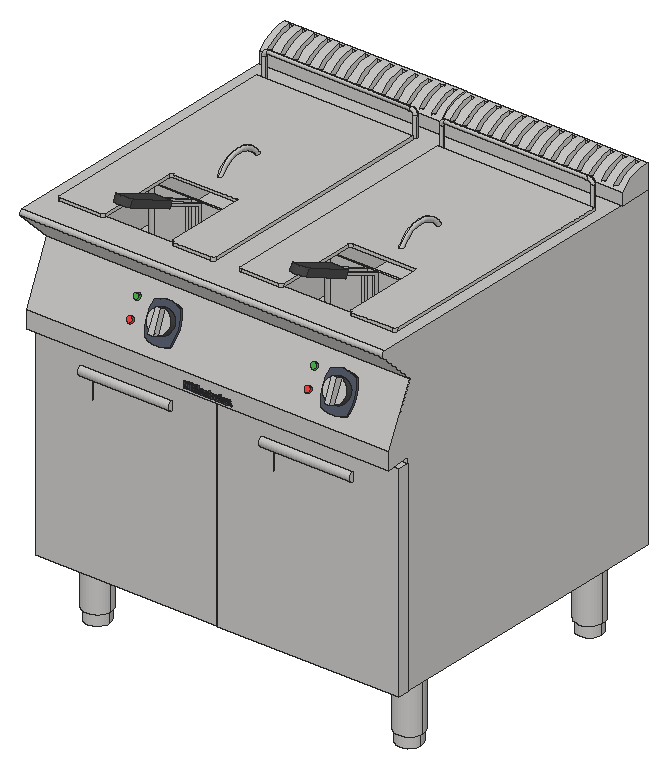
Revit family "QF_ELECTROLUXPROFESSIONAL_371141_E7FREH22FN", category Specialty Equipment, Revit 2018 (continued)
Automatic sketch dimensions
  Extrusion 18 sketch curve to Extrusion 18 sketch curve = 106.78 mm
  Extrusion 18 sketch curve to Extrusion 18 sketch curve = 18.617 mm
  Extrusion 20 sketch curve to plane 11 = 1.013 mm
  Extrusion 20 sketch curve to plane 11 = 3.696 mm
  Extrusion 20 sketch curve to plane 10 "TOP A" = 11.567 mm
  Extrusion 20 sketch curve to plane 11 = 84.899 mm
  Extrusion 20 sketch curve to plane 10 "TOP A" = 7.522 mm
  Extrusion 20 sketch curve to Extrusion 20 sketch curve = 6.35 mm
  Extrusion 20 sketch curve to Extrusion 20 sketch curve = 97.432 mm
  Extrusion 21 sketch curve to plane 11 = 1.013 mm
  Extrusion 21 sketch curve to plane 11 = 3.696 mm
  Extrusion 21 sketch curve to plane 10 "TOP A" = 11.567 mm
  Extrusion 21 sketch curve to plane 11 = 84.899 mm
  Extrusion 21 sketch curve to Extrusion 21 sketch curve = 6.35 mm
  Extrusion 21 sketch curve to Extrusion 21 sketch curve = 97.432 mm
  Extrusion 21 sketch curve to plane 10 "TOP A" = 7.522 mm
  plane 1 "BACK" to Extrusion 23 sketch curve = 6.761 mm
  Extrusion 23 sketch curve to plane 7 "Center Y" = 15.351 mm
  Extrusion 23 sketch curve to Extrusion 23 sketch curve = 9.296 mm
  Extrusion 23 sketch curve to Extrusion 23 sketch curve = 57.15 mm
  plane 1 "BACK" to Extrusion 24 sketch curve = 6.761 mm
  plane 3 "LEFT" to Extrusion 24 sketch curve = 50.591 mm
  Extrusion 24 sketch curve to Extrusion 24 sketch curve = 9.296 mm
  Extrusion 24 sketch curve to Extrusion 24 sketch curve = 57.15 mm
  plane 1 "BACK" to Extrusion 25 sketch curve = 6.761 mm
  plane 3 "LEFT" to Extrusion 25 sketch curve = 78.433 mm
  Extrusion 25 sketch curve to Extrusion 25 sketch curve = 9.296 mm
  Extrusion 25 sketch curve to Extrusion 25 sketch curve = 57.15 mm
  plane 1 "BACK" to Extrusion 26 sketch curve = 6.761 mm
  plane 3 "LEFT" to Extrusion 26 sketch curve = 106.275 mm
  Extrusion 26 sketch curve to Extrusion 26 sketch curve = 9.296 mm
  Extrusion 26 sketch curve to Extrusion 26 sketch curve = 57.15 mm
  plane 1 "BACK" to Extrusion 27 sketch curve = 6.761 mm
  plane 3 "LEFT" to Extrusion 27 sketch curve = 134.118 mm
  Extrusion 27 sketch curve to Extrusion 27 sketch curve = 9.296 mm
  Extrusion 27 sketch curve to Extrusion 27 sketch curve = 57.15 mm
  plane 1 "BACK" to Extrusion 28 sketch curve = 6.761 mm
  plane 3 "LEFT" to Extrusion 28 sketch curve = 161.96 mm
  Extrusion 28 sketch curve to Extrusion 28 sketch curve = 9.296 mm
  Extrusion 28 sketch curve to Extrusion 28 sketch curve = 57.15 mm
  plane 1 "BACK" to Extrusion 29 sketch curve = 6.761 mm
  plane 3 "LEFT" to Extrusion 29 sketch curve = 189.802 mm
  Extrusion 29 sketch curve to Extrusion 29 sketch curve = 9.296 mm
  Extrusion 29 sketch curve to Extrusion 29 sketch curve = 57.15 mm
  plane 1 "BACK" to Extrusion 30 sketch curve = 6.761 mm
  Extrusion 30 sketch curve to plane 7 "Center Y" = 182.405 mm
  Extrusion 30 sketch curve to Extrusion 30 sketch curve = 9.296 mm
  Extrusion 30 sketch curve to Extrusion 30 sketch curve = 57.15 mm
  plane 1 "BACK" to Extrusion 31 sketch curve = 6.761 mm
  Extrusion 31 sketch curve to plane 7 "Center Y" = 154.563 mm
  Extrusion 31 sketch curve to Extrusion 31 sketch curve = 9.296 mm
  Extrusion 31 sketch curve to Extrusion 31 sketch curve = 57.15 mm
  plane 1 "BACK" to Extrusion 32 sketch curve = 6.761 mm
  Extrusion 32 sketch curve to plane 7 "Center Y" = 126.721 mm
  Extrusion 32 sketch curve to Extrusion 32 sketch curve = 9.296 mm
  Extrusion 32 sketch curve to Extrusion 32 sketch curve = 57.15 mm
  plane 1 "BACK" to Extrusion 33 sketch curve = 6.761 mm
  Extrusion 33 sketch curve to plane 7 "Center Y" = 98.878 mm
  Extrusion 33 sketch curve to Extrusion 33 sketch curve = 9.296 mm
  Extrusion 33 sketch curve to Extrusion 33 sketch curve = 57.15 mm
  plane 1 "BACK" to Extrusion 34 sketch curve = 6.761 mm
  Extrusion 34 sketch curve to plane 7 "Center Y" = 71.036 mm
  Extrusion 34 sketch curve to Extrusion 34 sketch curve = 9.296 mm
  Extrusion 34 sketch curve to Extrusion 34 sketch curve = 57.15 mm
  plane 1 "BACK" to Extrusion 35 sketch curve = 6.761 mm
  Extrusion 35 sketch curve to plane 7 "Center Y" = 43.194 mm
  Extrusion 35 sketch curve to Extrusion 35 sketch curve = 9.296 mm
  Extrusion 35 sketch curve to Extrusion 35 sketch curve = 57.15 mm
  Extrusion 37 sketch curve to plane 1 "BACK" = 6.761 mm
  Extrusion 37 sketch curve to plane 7 "Center Y" = 15.351 mm
  Extrusion 37 sketch curve to Extrusion 37 sketch curve = 9.296 mm
  Extrusion 37 sketch curve to Extrusion 37 sketch curve = 57.15 mm
  Extrusion 44 sketch curve to plane 1 "BACK" = 6.761 mm
  Extrusion 44 sketch curve to plane 7 "Center Y" = 182.405 mm
  Extrusion 44 sketch curve to Extrusion 44 sketch curve = 9.296 mm
  Extrusion 44 sketch curve to Extrusion 44 sketch curve = 57.15 mm
  Extrusion 45 sketch curve to plane 1 "BACK" = 6.761 mm
  Extrusion 45 sketch curve to plane 7 "Center Y" = 154.563 mm
  Extrusion 45 sketch curve to Extrusion 45 sketch curve = 9.296 mm
  Extrusion 45 sketch curve to Extrusion 45 sketch curve = 57.15 mm
  Extrusion 46 sketch curve to plane 1 "BACK" = 6.761 mm
  Extrusion 46 sketch curve to plane 7 "Center Y" = 126.721 mm
  Extrusion 46 sketch curve to Extrusion 46 sketch curve = 9.296 mm
  Extrusion 46 sketch curve to Extrusion 46 sketch curve = 57.15 mm
  Extrusion 47 sketch curve to plane 1 "BACK" = 6.761 mm
  Extrusion 47 sketch curve to plane 7 "Center Y" = 98.878 mm
  Extrusion 47 sketch curve to Extrusion 47 sketch curve = 9.296 mm
  Extrusion 47 sketch curve to Extrusion 47 sketch curve = 57.15 mm
  Extrusion 48 sketch curve to plane 1 "BACK" = 6.761 mm
  Extrusion 48 sketch curve to plane 7 "Center Y" = 71.036 mm
  Extrusion 48 sketch curve to Extrusion 48 sketch curve = 9.296 mm
  Extrusion 48 sketch curve to Extrusion 48 sketch curve = 57.15 mm
  Extrusion 49 sketch curve to plane 1 "BACK" = 6.761 mm
  Extrusion 49 sketch curve to plane 7 "Center Y" = 43.194 mm
  Extrusion 49 sketch curve to Extrusion 49 sketch curve = 9.296 mm
  Extrusion 49 sketch curve to Extrusion 49 sketch curve = 57.15 mm
  plane 1 "BACK" to Extrusion 50 sketch curve = 0 mm
  plane 7 "Center Y" to Extrusion 50 sketch curve = 1.587 mm
  Extrusion 50 sketch curve to plane 7 "Center Y" = 1.588 mm
  Extrusion 50 sketch curve to plane 1 "BACK" = 69.85 mm
  Extrusion 52 sketch curve to plane 5 "FRONT" = 42.863 mm
  Extrusion 52 sketch curve to Extrusion 52 sketch curve = 15 mm
  Extrusion 52 sketch curve to plane 9 "BASE" = 101.212 mm
  Extrusion 52 sketch curve to Extrusion 52 sketch curve = 41.212 mm
  Extrusion 53 sketch curve to plane 5 "FRONT" = 42.863 mm
  Extrusion 53 sketch curve to plane 9 "BASE" = 60 mm
  Extrusion 53 sketch curve to Extrusion 53 sketch curve = 10 mm
  Extrusion 54 sketch curve to plane 5 "FRONT" = 42.863 mm
  Extrusion 54 sketch curve to Extrusion 54 sketch curve = 15 mm
  Extrusion 54 sketch curve to plane 9 "BASE" = 60 mm
  Extrusion 54 sketch curve to Extrusion 54 sketch curve = 41.212 mm
  Extrusion 55 sketch curve to plane 5 "FRONT" = 42.863 mm
  Extrusion 55 sketch curve to plane 9 "BASE" = 40 mm
  Extrusion 55 sketch curve to Extrusion 55 sketch curve = 10 mm
  Revolve 56 sketch curve to level = 0 mm
  Revolve 56 sketch curve to plane 14 = 0 mm  (x2)
  level to Revolve 56 sketch curve = 25 mm
  Revolve 56 sketch curve to Revolve 56 sketch curve = 20 mm
  plane 3 "LEFT" to Revolve 56 sketch curve = 56 mm
  Revolve 56 sketch curve to Revolve 56 sketch curve = 0 mm
  plane 3 "LEFT" to Revolve 56 sketch curve = 29.75 mm
  plane 3 "LEFT" to Revolve 56 sketch curve = 26 mm
  Revolve 57 sketch curve to level = 0 mm
  Revolve 57 sketch curve to plane 14 = 0 mm  (x2)
  level to Revolve 57 sketch curve = 25 mm
  Revolve 57 sketch curve to Revolve 57 sketch curve = 20 mm
  plane 3 "LEFT" to Revolve 57 sketch curve = 56 mm
  Revolve 57 sketch curve to Revolve 57 sketch curve = 0 mm
  plane 3 "LEFT" to Revolve 57 sketch curve = 29.75 mm
  plane 3 "LEFT" to Revolve 57 sketch curve = 26 mm
  plane 3 "LEFT" to curve 170 = 13.453 mm
  curve 170 to curve 170 = 9.296 mm
  curve 170 to curve 172 = 18.547 mm
  curve 172 to curve 172 = 9.296 mm
  curve 172 to curve 173 = 18.547 mm
  curve 173 to curve 173 = 9.296 mm
  curve 173 to curve 174 = 18.547 mm
  curve 174 to curve 174 = 9.296 mm
  curve 174 to curve 175 = 18.547 mm
  curve 175 to curve 175 = 9.296 mm
  curve 175 to curve 176 = 18.547 mm
  curve 176 to curve 176 = 9.296 mm
  curve 176 to curve 177 = 18.547 mm
  curve 177 to curve 177 = 9.296 mm
  curve 177 to curve 178 = 18.547 mm
  curve 178 to curve 178 = 9.296 mm
  curve 178 to curve 179 = 18.547 mm
  curve 179 to curve 179 = 9.296 mm
  curve 179 to curve 180 = 18.547 mm
  curve 180 to curve 180 = 9.296 mm
  curve 180 to curve 181 = 18.547 mm
  curve 181 to curve 181 = 9.296 mm
  curve 181 to curve 182 = 18.547 mm
  curve 182 to curve 182 = 9.296 mm
  curve 182 to curve 183 = 18.547 mm
  curve 183 to curve 183 = 9.296 mm
  curve 183 to curve 171 = 18.547 mm
  curve 171 to curve 171 = 9.296 mm
  plane 7 "Center Y" to curve 185 = 15.351 mm
  curve 185 to curve 185 = 9.296 mm
  curve 185 to curve 197 = 18.547 mm
  curve 197 to curve 197 = 9.296 mm
  curve 197 to curve 196 = 18.547 mm
  curve 196 to curve 196 = 9.296 mm
  curve 196 to curve 195 = 18.547 mm
  curve 195 to curve 195 = 9.296 mm
  curve 195 to curve 194 = 18.547 mm
  curve 194 to curve 194 = 9.296 mm
  curve 194 to curve 193 = 18.547 mm
  curve 193 to curve 193 = 9.296 mm
  curve 193 to curve 192 = 18.547 mm
  curve 192 to curve 192 = 9.296 mm
  curve 192 to curve 191 = 18.547 mm
  curve 191 to curve 191 = 9.296 mm
  curve 191 to curve 190 = 18.547 mm
  curve 190 to curve 190 = 9.296 mm
  curve 190 to curve 189 = 18.547 mm
  curve 189 to curve 189 = 9.296 mm
  curve 189 to curve 188 = 18.547 mm
  curve 188 to curve 188 = 9.296 mm
  curve 188 to curve 187 = 18.547 mm
  curve 187 to curve 187 = 9.296 mm
  curve 187 to curve 186 = 18.547 mm
  curve 186 to curve 186 = 9.296 mm
  curve 186 to curve 184 = 18.547 mm
  curve 184 to curve 184 = 9.296 mm
  plane 1 "BACK" to curve 170 = 63.911 mm
  plane 1 "BACK" to curve 171 = 63.911 mm
  curve 170 to curve 172 = 0 mm
  curve 172 to curve 173 = 0 mm
  curve 173 to curve 174 = 0 mm
  curve 174 to curve 175 = 0 mm
  curve 175 to curve 176 = 0 mm
  curve 176 to curve 177 = 0 mm
  curve 177 to curve 178 = 0 mm
  curve 178 to curve 179 = 0 mm
  curve 179 to curve 180 = 0 mm
  curve 180 to curve 181 = 0 mm
  curve 181 to curve 182 = 0 mm
  curve 182 to curve 183 = 0 mm
  plane 1 "BACK" to curve 184 = 63.911 mm
  curve 171 to curve 185 = 0 mm
  curve 186 to curve 184 = 0 mm
  curve 187 to curve 186 = 0 mm
  curve 188 to curve 187 = 0 mm
  curve 189 to curve 188 = 0 mm
  curve 190 to curve 189 = 0 mm
  curve 191 to curve 190 = 0 mm
  curve 192 to curve 191 = 0 mm
  curve 193 to curve 192 = 0 mm
  curve 194 to curve 193 = 0 mm
  curve 195 to curve 194 = 0 mm
  curve 196 to curve 195 = 0 mm
  curve 197 to curve 196 = 0 mm
  Extrusion 2 sketch curve to plane 10 "TOP A" = 0 mm
  Extrusion 2 sketch curve to plane 1 "BACK" = 0 mm
  Extrusion 2 sketch curve to plane 6 "TOP" = 0 mm
  plane 1 "BACK" to Extrusion 2 sketch curve = 1.769 mm
  plane 10 "TOP A" to Extrusion 2 sketch curve = 25.4 mm
  plane 1 "BACK" to Extrusion 2 sketch curve = 69.85 mm
  plane 12 to Extrusion 3 sketch curve = 0.124 mm  (x2)
  Extrusion 3 sketch curve to plane 4 "RIGHT" = 33.338 mm
  plane 7 "Center Y" to Extrusion 3 sketch curve = 26.988 mm
  Extrusion 3 sketch curve to plane 7 "Center Y" = 26.988 mm
  plane 3 "LEFT" to Extrusion 3 sketch curve = 33.338 mm
  plane 11 to Extrusion 3 sketch curve = 57.877 mm
  Extrusion 3 sketch curve to Extrusion 3 sketch curve = 0 mm
  Extrusion 5 sketch curve to Extrusion 1 = 31.333 mm  (x4)
  Extrusion 5 sketch curve to Extrusion 5 sketch curve = 12.3 mm  (x6)
  Extrusion 5 sketch curve to Extrusion 5 sketch curve = 34.925 mm  (x4)
  Extrusion 1 to Extrusion 5 sketch curve = 44.467 mm  (x2)
  Extrusion 1 to Extrusion 5 sketch curve = 76.335 mm
  Extrusion 5 sketch curve to Extrusion 5 sketch curve = 25.727 mm  (x4)
  Extrusion 5 sketch curve to Extrusion 5 sketch curve = 28.575 mm  (x2)
  Extrusion 5 sketch curve to Extrusion 5 sketch curve = 280.219 mm
  Extrusion 6 sketch curve to Extrusion 6 sketch curve = 0 mm
  Extrusion 6 sketch curve to Extrusion 6 sketch curve = 388.937 mm
  Extrusion 7 sketch curve to Extrusion 7 sketch curve = 24.732 mm  (x2)
  Extrusion 7 sketch curve to Extrusion 7 sketch curve = 0 mm  (x2)
  Extrusion 1 to Extrusion 8 sketch curve = 39.678 mm  (x2)
  Extrusion 1 to Extrusion 8 sketch curve = 194.515 mm
  Extrusion 1 to Extrusion 8 sketch curve = 213.473 mm
  Extrusion 9 sketch curve to Extrusion 1 = 50.809 mm  (x2)
  Extrusion 1 to Extrusion 9 sketch curve = 194.515 mm
  Extrusion 1 to Extrusion 9 sketch curve = 213.473 mm
  plane 1 "BACK" to Extrusion 10 sketch curve = 0 mm
  Extrusion 10 sketch curve to plane 3 "LEFT" = 0 mm
  Extrusion 10 sketch curve to plane 4 "RIGHT" = 0 mm
  Extrusion 10 sketch curve to plane 3 "LEFT" = 150.019 mm
  plane 5 "FRONT" to Extrusion 10 sketch curve = 1.377 mm  (x2)
  plane 4 "RIGHT" to Extrusion 10 sketch curve = 150.019 mm
  Extrusion 10 sketch curve to plane 1 "BACK" = 150.019 mm
  curve 168 to plane 4 "RIGHT" = 0 mm
  curve 7 to plane 4 "RIGHT" = 0 mm
  plane 5 "FRONT" to curve 169 = 0 mm
  plane 1 "BACK" to curve 163 = 0 mm
  curve 6 to plane 3 "LEFT" = 0 mm
  curve 166 to plane 3 "LEFT" = 0 mm
  plane 4 "RIGHT" to curve 3 = 150.019 mm
  curve 122 to curve 121 = 9.296 mm
  curve 56 to plane 4 "RIGHT" = 26.987 mm
  curve 44 to curve 44 = 6.35 mm
  curve 43 to curve 78 = 10.61 mm
  plane 1 "BACK" to curve 129 = 6.761 mm
  curve 121 to curve 129 = 18.547 mm
  curve 128 to curve 127 = 9.296 mm
  curve 127 to curve 131 = 18.547 mm
  curve 169 to plane 4 "RIGHT" = 74.24 mm
  curve 131 to curve 132 = 9.296 mm
  curve 130 to curve 134 = 18.547 mm
  curve 169 to curve 46 = 47.997 mm
  curve 48 to plane 4 "RIGHT" = 128.587 mm
  curve 47 to curve 48 = 6.35 mm
  plane 1 "BACK" to curve 140 = 6.761 mm
  curve 136 to curve 140 = 18.547 mm
  curve 140 to curve 139 = 9.296 mm
  curve 47 to curve 67 = 54.879 mm
  curve 60 to curve 67 = 0 mm
  curve 60 to curve 67 = 3.442 mm
  curve 143 to curve 142 = 9.296 mm
  curve 58 to curve 64 = 4.079 mm
  curve 48 to curve 68 = 60.633 mm
  curve 64 to curve 63 = 5.857 mm
  curve 68 to curve 70 = 4.449 mm
  curve 67 to curve 60 = 18.617 mm
  curve 67 to curve 60 = 0 mm
  curve 63 to curve 66 = 17.363 mm
  curve 146 to curve 147 = 9.296 mm
  curve 66 to curve 65 = 5.857 mm
  curve 61 to curve 62 = 37.235 mm
  plane 1 "BACK" to curve 150 = 6.761 mm
  curve 145 to curve 150 = 18.547 mm
  curve 149 to curve 148 = 9.296 mm
  curve 65 to curve 50 = 51.399 mm
  curve 152 to curve 151 = 9.296 mm
  curve 62 to curve 62 = 53.67 mm
  curve 51 to curve 53 = 6.35 mm
  plane 1 "BACK" to curve 156 = 6.761 mm
  curve 151 to curve 156 = 18.547 mm
  curve 155 to curve 156 = 9.296 mm
  curve 158 to curve 159 = 9.296 mm
  plane 7 "Center Y" to curve 169 = 54.971 mm
  curve 157 to curve 161 = 18.547 mm
  curve 161 to curve 160 = 9.296 mm
  plane 7 "Center Y" to curve 53 = 33.338 mm
  plane 7 "Center Y" to curve 79 = 28.891 mm
  curve 54 to curve 54 = 6.35 mm
  curve 160 to curve 125 = 18.547 mm
  curve 125 to curve 124 = 9.296 mm
  plane 7 "Center Y" to curve 168 = 3.9 mm
  plane 7 "Center Y" to curve 163 = 1.588 mm
  curve 164 to plane 7 "Center Y" = 1.587 mm
  curve 166 to plane 7 "Center Y" = 3.9 mm
  plane 1 "BACK" to curve 82 = 6.761 mm
  curve 164 to curve 82 = 13.764 mm
  curve 24 to plane 7 "Center Y" = 26.988 mm
  curve 23 to curve 77 = 1.903 mm
  curve 22 to curve 22 = 6.35 mm
  curve 83 to curve 118 = 18.547 mm
  curve 118 to curve 120 = 9.296 mm
  curve 167 to plane 7 "Center Y" = 54.971 mm
  curve 116 to curve 112 = 18.547 mm
  curve 112 to curve 113 = 9.296 mm
  curve 22 to curve 20 = 82.55 mm
  curve 18 to plane 7 "Center Y" = 122.238 mm
  plane 1 "BACK" to curve 109 = 6.761 mm
  curve 113 to curve 109 = 18.547 mm
  curve 18 to curve 17 = 6.35 mm
  curve 109 to curve 110 = 9.296 mm
  plane 1 "BACK" to curve 108 = 6.761 mm
  curve 110 to curve 108 = 18.547 mm
  curve 106 to curve 107 = 9.296 mm
  curve 27 to plane 11 = 5.711 mm
  curve 19 to curve 27 = 53.67 mm
  curve 26 to curve 34 = 4.079 mm
  curve 107 to curve 103 = 18.547 mm
  curve 34 to curve 35 = 5.857 mm
  curve 103 to curve 104 = 9.296 mm
  curve 36 to curve 36 = 18.617 mm
  curve 29 to curve 36 = 0 mm
  plane 8 "Center X" to curve 38 = 38.031 mm
  curve 18 to curve 38 = 66.994 mm
  curve 40 to curve 40 = 4.449 mm
  curve 35 to curve 32 = 17.363 mm
  curve 32 to curve 33 = 5.857 mm
  plane 1 "BACK" to curve 102 = 6.761 mm
  curve 104 to curve 102 = 18.547 mm
  curve 33 to curve 28 = 4.079 mm
  curve 36 to curve 36 = 3.442 mm
  curve 36 to curve 29 = 3.442 mm
  curve 100 to curve 101 = 9.296 mm
  curve 101 to curve 97 = 18.547 mm
  curve 97 to curve 99 = 9.296 mm
  curve 33 to curve 17 = 56.049 mm
  plane 1 "BACK" to curve 94 = 6.761 mm
  curve 98 to curve 94 = 18.547 mm
  curve 16 to curve 15 = 6.35 mm
  curve 94 to curve 95 = 9.296 mm
  curve 15 to curve 14 = 6.35 mm
  curve 95 to curve 91 = 18.547 mm
  plane 1 "BACK" to curve 88 = 6.761 mm
  curve 92 to curve 88 = 18.547 mm
  curve 167 to curve 5 = 74.24 mm
  curve 88 to curve 90 = 9.296 mm
  plane 3 "LEFT" to curve 75 = 37.598 mm
  plane 3 "LEFT" to curve 12 = 33.338 mm
  curve 75 to curve 11 = 10.61 mm
  curve 8 to curve 9 = 9.296 mm
  plane 5 "FRONT" to curve 1 = 1.377 mm
  curve 1 to plane 3 "LEFT" = 150.019 mm
  curve 1 to plane 1 "BACK" = 150.019 mm
  plane 1 "BACK" to curve 162 = 6.761 mm
  plane 1 "BACK" to curve 98 = 6.761 mm
  plane 1 "BACK" to curve 8 = 6.761 mm
  plane 1 "BACK" to curve 93 = 6.761 mm
  plane 1 "BACK" to curve 159 = 6.761 mm
  plane 1 "BACK" to curve 87 = 6.761 mm
  plane 1 "BACK" to curve 153 = 6.761 mm
  plane 1 "BACK" to curve 147 = 6.761 mm
  plane 1 "BACK" to curve 103 = 6.761 mm
  plane 1 "BACK" to curve 144 = 6.761 mm
  plane 1 "BACK" to curve 138 = 6.761 mm
  plane 1 "BACK" to curve 112 = 6.761 mm
  plane 1 "BACK" to curve 135 = 6.761 mm
  plane 1 "BACK" to curve 115 = 6.761 mm
  plane 1 "BACK" to curve 132 = 6.761 mm
  plane 1 "BACK" to curve 118 = 6.761 mm
  plane 1 "BACK" to curve 121 = 6.761 mm
  plane 1 "BACK" to curve 126 = 6.761 mm
  curve 125 to curve 125 = 57.15 mm
  curve 127 to curve 121 = 0 mm
  curve 130 to curve 127 = 0 mm
  curve 133 to curve 130 = 0 mm
  curve 136 to curve 133 = 0 mm
  curve 139 to curve 136 = 0 mm
  curve 142 to curve 139 = 0 mm
  curve 145 to curve 142 = 0 mm
  curve 118 to curve 82 = 0 mm
  curve 148 to curve 145 = 0 mm
  curve 8 to curve 85 = 0 mm
  curve 151 to curve 148 = 0 mm
  curve 85 to curve 88 = 0 mm
  curve 154 to curve 151 = 0 mm
  curve 88 to curve 91 = 0 mm
  curve 157 to curve 154 = 0 mm
  curve 94 to curve 98 = 0 mm
  curve 125 to curve 160 = 0 mm
  curve 82 to curve 164 = 5.939 mm
  curve 25 to curve 165 = 0 mm
  curve 125 to curve 78 = 36.504 mm
  curve 83 to curve 77 = 36.504 mm
  curve 74 to curve 75 = 7.655 mm
  curve 78 to curve 79 = 7.655 mm
  curve 79 to curve 56 = 4.767 mm
  curve 75 to curve 11 = 4.767 mm
  plane 8 "Center X" to curve 71 = 38.031 mm
  curve 37 to plane 8 "Center X" = 63.432 mm
  curve 70 to plane 8 "Center X" = 63.432 mm
  curve 69 to curve 50 = 46.229 mm
  curve 37 to curve 16 = 46.229 mm
  curve 50 to curve 72 = 22.324 mm
  curve 16 to curve 41 = 22.324 mm
  curve 72 to curve 73 = 3.175 mm
  curve 41 to curve 42 = 3.175 mm
  curve 66 to plane 11 = 5.711 mm
  plane 11 to curve 55 = 57.877 mm
  plane 11 to curve 19 = 57.877 mm
  plane 11 to curve 43 = 57.877 mm
  plane 11 to curve 15 = 57.877 mm
  curve 11 to curve 166 = 31.626 mm
  curve 43 to curve 168 = 31.626 mm
  curve 30 to curve 36 = 33.188 mm
  curve 61 to curve 67 = 33.188 mm
  curve 67 to curve 60 = 6.713 mm
  curve 36 to curve 29 = 6.713 mm  (x2)
  curve 29 to curve 36 = 4.011 mm
  curve 60 to curve 67 = 4.011 mm
  curve 67 to curve 59 = 6.713 mm
  plane 5 "FRONT" to curve 3 = 1.377 mm
  Extrusion 11 sketch curve to plane 4 "RIGHT" = 26.988 mm
  Extrusion 11 sketch curve to Extrusion 11 sketch curve = 6.35 mm  (x8)
  Extrusion 11 sketch curve to Extrusion 11 sketch curve = 88.9 mm
  Extrusion 11 sketch curve to plane 4 "RIGHT" = 128.588 mm
  plane 7 "Center Y" to Extrusion 11 sketch curve = 128.588 mm
  plane 11 to Extrusion 11 sketch curve = 57.877 mm  (x4)
  plane 7 "Center Y" to Extrusion 11 sketch curve = 122.238 mm
  plane 7 "Center Y" to Extrusion 11 sketch curve = 33.338 mm
  Extrusion 11 sketch curve to plane 7 "Center Y" = 26.988 mm
  Extrusion 11 sketch curve to Extrusion 11 sketch curve = 82.55 mm
  plane 3 "LEFT" to Extrusion 11 sketch curve = 134.938 mm
  plane 3 "LEFT" to Extrusion 11 sketch curve = 128.588 mm
  plane 3 "LEFT" to Extrusion 11 sketch curve = 33.338 mm
  plane 3 "LEFT" to Extrusion 11 sketch curve = 26.988 mm
  Extrusion 11 sketch curve to plane 8 "Center X" = 116.012 mm  (x2)
  Extrusion 11 sketch curve to plane 12 = 34.801 mm  (x2)
  Sweep 12 sketch curve to plane 10 "TOP A" = 0 mm  (x2)
  Sweep 12 sketch curve to plane 6 "TOP" = 9.525 mm
  plane 3 "LEFT" to Sweep 12 sketch curve = 39.688 mm
  Sweep 12 sketch curve to Sweep 12 sketch curve = 6.35 mm  (x2)
  Sweep 12 sketch curve to plane 7 "Center Y" = 37.331 mm
  Sweep 12 sketch curve to profile plane = 2.09 mm
  profile plane to Sweep 12 sketch curve = 140.754 mm
  Extrusion 19 sketch curve to Extrusion 19 sketch curve = 0 mm  (x16)
  Extrusion 19 sketch curve to plane 4 "RIGHT" = 91.225 mm
  Extrusion 19 sketch curve to Extrusion 19 sketch curve = 3.175 mm  (x2)
  Extrusion 19 sketch curve to Extrusion 19 sketch curve = 22.225 mm  (x6)
  plane 7 "Center Y" to Extrusion 19 sketch curve = 105.625 mm  (x2)
  plane 12 to Extrusion 19 sketch curve = 44.673 mm
  Extrusion 19 sketch curve to plane 7 "Center Y" = 80.225 mm
  plane 3 "LEFT" to Extrusion 19 sketch curve = 116.625 mm  (x2)
  plane 12 to Extrusion 19 sketch curve = 41.498 mm
  Extrusion 19 sketch curve to plane 8 "Center X" = 116.11 mm  (x2)
  Sweep 22 sketch curve to plane 10 "TOP A" = 0 mm  (x2)
  Sweep 22 sketch curve to plane 6 "TOP" = 9.525 mm
  Sweep 22 sketch curve to plane 4 "RIGHT" = 39.688 mm
  Sweep 22 sketch curve to Sweep 22 sketch curve = 6.35 mm  (x2)
  plane 7 "Center Y" to Sweep 22 sketch curve = 37.331 mm
  profile plane to Sweep 22 sketch curve = 2.09 mm
  profile plane to Sweep 22 sketch curve = 140.754 mm
  Extrusion 36 sketch curve to plane 1 "BACK" = 6.761 mm
  plane 4 "RIGHT" to Extrusion 36 sketch curve = 22.749 mm
  Extrusion 36 sketch curve to Extrusion 36 sketch curve = 9.296 mm
  Extrusion 36 sketch curve to Extrusion 36 sketch curve = 57.15 mm
  Extrusion 38 sketch curve to plane 1 "BACK" = 6.761 mm
  plane 4 "RIGHT" to Extrusion 38 sketch curve = 50.591 mm
  Extrusion 38 sketch curve to Extrusion 38 sketch curve = 9.296 mm
  Extrusion 38 sketch curve to Extrusion 38 sketch curve = 57.15 mm
  Extrusion 39 sketch curve to plane 1 "BACK" = 6.761 mm
  plane 4 "RIGHT" to Extrusion 39 sketch curve = 78.433 mm
  Extrusion 39 sketch curve to Extrusion 39 sketch curve = 9.296 mm
  Extrusion 39 sketch curve to Extrusion 39 sketch curve = 57.15 mm
  Extrusion 40 sketch curve to plane 1 "BACK" = 6.761 mm
  plane 4 "RIGHT" to Extrusion 40 sketch curve = 106.275 mm
  Extrusion 40 sketch curve to Extrusion 40 sketch curve = 9.296 mm
  Extrusion 40 sketch curve to Extrusion 40 sketch curve = 57.15 mm
  Extrusion 41 sketch curve to plane 1 "BACK" = 6.761 mm
  plane 4 "RIGHT" to Extrusion 41 sketch curve = 134.118 mm
  Extrusion 41 sketch curve to Extrusion 41 sketch curve = 9.296 mm
  Extrusion 41 sketch curve to Extrusion 41 sketch curve = 57.15 mm
  Extrusion 42 sketch curve to plane 1 "BACK" = 6.761 mm
  plane 4 "RIGHT" to Extrusion 42 sketch curve = 161.96 mm
  Extrusion 42 sketch curve to Extrusion 42 sketch curve = 9.296 mm
  Extrusion 42 sketch curve to Extrusion 42 sketch curve = 57.15 mm
  Extrusion 43 sketch curve to plane 1 "BACK" = 6.761 mm
  plane 4 "RIGHT" to Extrusion 43 sketch curve = 189.802 mm
  Extrusion 43 sketch curve to Extrusion 43 sketch curve = 9.296 mm
  Extrusion 43 sketch curve to Extrusion 43 sketch curve = 57.15 mm
  Extrusion 51 sketch curve to Extrusion 1 = 0 mm
  Extrusion 1 to Extrusion 51 sketch curve = 12.7 mm
  Extrusion 1 to Extrusion 51 sketch curve = 398.463 mm
  Extrusion 51 sketch curve to Extrusion 51 sketch curve = 3.175 mm
  Revolve 58 sketch curve to level = 0 mm
  Revolve 58 sketch curve to plane 14 = 0 mm  (x2)
  level to Revolve 58 sketch curve = 25 mm
  Revolve 58 sketch curve to Revolve 58 sketch curve = 20 mm
  Revolve 58 sketch curve to plane 4 "RIGHT" = 26 mm
  Revolve 58 sketch curve to Revolve 58 sketch curve = 3.75 mm
  Revolve 58 sketch curve to Revolve 58 sketch curve = 30 mm
  Revolve 58 sketch curve to Revolve 58 sketch curve = 0 mm
  Revolve 59 sketch curve to level = 0 mm
  Revolve 59 sketch curve to plane 14 = 0 mm  (x2)
  level to Revolve 59 sketch curve = 25 mm
  Revolve 59 sketch curve to Revolve 59 sketch curve = 20 mm
  Revolve 59 sketch curve to plane 4 "RIGHT" = 26 mm
  Revolve 59 sketch curve to Revolve 59 sketch curve = 3.75 mm
  Revolve 59 sketch curve to Revolve 59 sketch curve = 30 mm
  Revolve 59 sketch curve to Revolve 59 sketch curve = 0 mm
  Extrusion 60 sketch curve to plane 4 "RIGHT" = 0 mm
  Extrusion 60 sketch curve to plane 3 "LEFT" = 0 mm
  plane 7 "Center Y" to Extrusion 60 sketch curve = 1.588 mm
  Extrusion 60 sketch curve to plane 7 "Center Y" = 1.588 mm
  Extrusion 60 sketch curve to plane 5 "FRONT" = 42.863 mm  (x2)
  Extrusion 61 sketch curve to plane 4 "RIGHT" = 56 mm
  Extrusion 61 sketch curve to plane 11 = 92.884 mm
  curve 122 to plane 4 "RIGHT" = 13.453 mm
  curve 134 to curve 133 = 9.296 mm
  curve 133 to curve 138 = 18.547 mm
  curve 137 to curve 138 = 9.296 mm
  curve 139 to curve 143 = 18.547 mm
  curve 142 to curve 146 = 18.547 mm
  curve 148 to curve 152 = 18.547 mm
  curve 154 to curve 158 = 18.547 mm
  curve 82 to curve 84 = 9.296 mm
  curve 119 to curve 115 = 18.547 mm
  curve 115 to curve 116 = 9.296 mm
  curve 91 to curve 92 = 9.296 mm
  curve 89 to curve 85 = 18.547 mm
  curve 85 to curve 86 = 9.296 mm
  curve 86 to curve 10 = 18.547 mm
  curve 112 to curve 112 = 57.15 mm
  curve 113 to curve 112 = 0 mm
  curve 112 to curve 115 = 0 mm
  curve 116 to curve 115 = 0 mm
  curve 115 to curve 118 = 0 mm
  curve 110 to curve 113 = 0 mm
  curve 110 to curve 109 = 0 mm
  curve 119 to curve 118 = 0 mm
  curve 121 to curve 165 = 5.939 mm
  curve 121 to curve 122 = 0 mm
  curve 124 to curve 125 = 0 mm
  curve 107 to curve 110 = 0 mm
  curve 107 to curve 106 = 0 mm
  curve 127 to curve 128 = 0 mm
  curve 104 to curve 107 = 0 mm
  curve 104 to curve 103 = 0 mm
  curve 130 to curve 131 = 0 mm
  curve 133 to curve 134 = 0 mm
  curve 101 to curve 104 = 0 mm
  curve 101 to curve 100 = 0 mm
  curve 136 to curve 137 = 0 mm
  curve 139 to curve 140 = 0 mm
  curve 98 to curve 101 = 0 mm
  curve 98 to curve 97 = 0 mm
  curve 142 to curve 143 = 0 mm
  curve 86 to curve 25 = 5.939 mm
  curve 86 to curve 85 = 0 mm
  curve 95 to curve 94 = 0 mm
  curve 145 to curve 146 = 0 mm
  curve 148 to curve 149 = 0 mm
  curve 92 to curve 91 = 0 mm
  curve 151 to curve 152 = 0 mm
  curve 154 to curve 155 = 0 mm
  curve 89 to curve 88 = 0 mm
  curve 9 to curve 8 = 0 mm
  curve 160 to curve 161 = 0 mm
  curve 83 to curve 82 = 0 mm
  curve 157 to curve 158 = 0 mm
  plane 9 "BASE" to Extrusion 62 sketch curve = 9.251 mm
  plane 9 "BASE" to Extrusion 62 sketch curve = 14.292 mm
  plane 7 "Center Y" to Extrusion 62 sketch curve = 5.651 mm
  plane 9 "BASE" to Extrusion 62 sketch curve = 14.311 mm
  Extrusion 62 sketch curve to Extrusion 62 sketch curve = 0 mm  (x28)
  Extrusion 62 sketch curve to Extrusion 62 sketch curve = 5.108 mm  (x2)
  Extrusion 62 sketch curve to Extrusion 62 sketch curve = 0.054 mm
  Extrusion 62 sketch curve to Extrusion 62 sketch curve = 0.218 mm
  Extrusion 62 sketch curve to Extrusion 62 sketch curve = 0.195 mm
  Extrusion 62 sketch curve to Extrusion 62 sketch curve = 0.249 mm
  plane 9 "BASE" to Extrusion 62 sketch curve = 14.608 mm
  Extrusion 62 sketch curve to Extrusion 62 sketch curve = 0.087 mm
  Extrusion 62 sketch curve to Extrusion 62 sketch curve = 0.358 mm
  Extrusion 62 sketch curve to Extrusion 62 sketch curve = 0.481 mm
  Extrusion 62 sketch curve to Extrusion 62 sketch curve = 0.597 mm
  Extrusion 62 sketch curve to Extrusion 62 sketch curve = 0.544 mm
  Extrusion 62 sketch curve to Extrusion 62 sketch curve = 0.936 mm
  Extrusion 62 sketch curve to Extrusion 62 sketch curve = 0.594 mm
  Extrusion 62 sketch curve to Extrusion 62 sketch curve = 0.343 mm
  Extrusion 62 sketch curve to Extrusion 62 sketch curve = 0.159 mm
  Extrusion 62 sketch curve to Extrusion 62 sketch curve = 0.826 mm
  Extrusion 62 sketch curve to Extrusion 62 sketch curve = 0.839 mm
  Extrusion 62 sketch curve to Extrusion 62 sketch curve = 0.852 mm
  Extrusion 62 sketch curve to Extrusion 62 sketch curve = 0.887 mm
  Extrusion 62 sketch curve to Extrusion 62 sketch curve = 0.928 mm
  Extrusion 62 sketch curve to Extrusion 62 sketch curve = 0.938 mm
  Extrusion 62 sketch curve to Extrusion 62 sketch curve = 0.444 mm
  Extrusion 62 sketch curve to Extrusion 62 sketch curve = 1.11 mm  (x3)
  Extrusion 62 sketch curve to Extrusion 62 sketch curve = 0.215 mm
  plane 7 "Center Y" to Extrusion 62 sketch curve = 0.014 mm
  Extrusion 62 sketch curve to Extrusion 62 sketch curve = 1.43 mm
  Extrusion 62 sketch curve to Extrusion 62 sketch curve = 1.188 mm
  Extrusion 62 sketch curve to Extrusion 62 sketch curve = 1.21 mm  (x2)
  Extrusion 62 sketch curve to Extrusion 62 sketch curve = 0.503 mm
  Extrusion 62 sketch curve to Extrusion 62 sketch curve = 0.488 mm
  Extrusion 62 sketch curve to Extrusion 62 sketch curve = 0.462 mm
  Extrusion 62 sketch curve to Extrusion 62 sketch curve = 1.386 mm
  Extrusion 62 sketch curve to Extrusion 62 sketch curve = 1.742 mm  (x2)
  Extrusion 62 sketch curve to Extrusion 62 sketch curve = 0.821 mm
  Extrusion 62 sketch curve to Extrusion 62 sketch curve = 0.497 mm
  Extrusion 62 sketch curve to Extrusion 62 sketch curve = 0.539 mm
  Extrusion 62 sketch curve to Extrusion 62 sketch curve = 0.686 mm
  Extrusion 62 sketch curve to plane 7 "Center Y" = 0.36 mm
  Extrusion 62 sketch curve to Extrusion 62 sketch curve = 0.408 mm
  Extrusion 62 sketch curve to Extrusion 62 sketch curve = 0.743 mm
  Extrusion 62 sketch curve to Extrusion 62 sketch curve = 1.16 mm
  Extrusion 62 sketch curve to Extrusion 62 sketch curve = 0.329 mm
  Extrusion 62 sketch curve to Extrusion 62 sketch curve = 1.054 mm
  Extrusion 62 sketch curve to Extrusion 62 sketch curve = 1.056 mm
  Extrusion 62 sketch curve to Extrusion 62 sketch curve = 0.129 mm
  Extrusion 62 sketch curve to Extrusion 62 sketch curve = 0.489 mm
  Extrusion 62 sketch curve to Extrusion 62 sketch curve = 0.441 mm
  Extrusion 62 sketch curve to Extrusion 62 sketch curve = 1.151 mm
  Extrusion 62 sketch curve to Extrusion 62 sketch curve = 1.141 mm  (x2)
  Extrusion 62 sketch curve to Extrusion 62 sketch curve = 0.768 mm
  Extrusion 62 sketch curve to Extrusion 62 sketch curve = 1.653 mm
  Extrusion 62 sketch curve to Extrusion 62 sketch curve = 0.499 mm
  Extrusion 62 sketch curve to Extrusion 62 sketch curve = 0.964 mm
  Extrusion 62 sketch curve to Extrusion 62 sketch curve = 0.949 mm
  Extrusion 62 sketch curve to Extrusion 62 sketch curve = 1.345 mm  (x2)
  Extrusion 62 sketch curve to Extrusion 62 sketch curve = 0.137 mm  (x2)
  Extrusion 62 sketch curve to Extrusion 62 sketch curve = 0.432 mm
  Extrusion 62 sketch curve to Extrusion 62 sketch curve = 1.142 mm
  Extrusion 62 sketch curve to Extrusion 62 sketch curve = 0.959 mm
  Extrusion 62 sketch curve to Extrusion 62 sketch curve = 0.176 mm
  Extrusion 62 sketch curve to Extrusion 62 sketch curve = 0.728 mm
  Extrusion 62 sketch curve to Extrusion 62 sketch curve = 3.375 mm  (x2)
  Extrusion 62 sketch curve to Extrusion 62 sketch curve = 1.905 mm
  Extrusion 62 sketch curve to Extrusion 62 sketch curve = 0.955 mm
  Extrusion 62 sketch curve to Extrusion 62 sketch curve = 1.251 mm
  Extrusion 62 sketch curve to Extrusion 62 sketch curve = 0.572 mm
  Extrusion 62 sketch curve to Extrusion 62 sketch curve = 1.92 mm
  Extrusion 62 sketch curve to Extrusion 62 sketch curve = 1.224 mm
  Extrusion 62 sketch curve to Extrusion 62 sketch curve = 0.745 mm
  Extrusion 62 sketch curve to Extrusion 62 sketch curve = 0.036 mm
  Extrusion 62 sketch curve to Extrusion 62 sketch curve = 0.896 mm  (x3)
  Extrusion 62 sketch curve to Extrusion 62 sketch curve = 2.607 mm
  Extrusion 62 sketch curve to Extrusion 62 sketch curve = 0.066 mm
  Extrusion 62 sketch curve to Extrusion 62 sketch curve = 0.248 mm
  Extrusion 62 sketch curve to Extrusion 62 sketch curve = 0.449 mm
  Extrusion 62 sketch curve to Extrusion 62 sketch curve = 1.052 mm
  Extrusion 62 sketch curve to Extrusion 62 sketch curve = 1.863 mm
  Extrusion 62 sketch curve to Extrusion 62 sketch curve = 1.31 mm  (x2)
  Extrusion 62 sketch curve to Extrusion 62 sketch curve = 0.901 mm
  Extrusion 62 sketch curve to Extrusion 62 sketch curve = 1.107 mm
  Extrusion 62 sketch curve to Extrusion 62 sketch curve = 2.122 mm
  Extrusion 62 sketch curve to Extrusion 62 sketch curve = 2.101 mm
  Extrusion 62 sketch curve to Extrusion 62 sketch curve = 0.106 mm
  Extrusion 62 sketch curve to Extrusion 62 sketch curve = 0.029 mm
  Extrusion 62 sketch curve to Extrusion 62 sketch curve = 2.09 mm
  Extrusion 62 sketch curve to Extrusion 62 sketch curve = 1.279 mm
  Extrusion 62 sketch curve to Extrusion 62 sketch curve = 2.008 mm
  Extrusion 62 sketch curve to Extrusion 62 sketch curve = 0.738 mm
  Extrusion 62 sketch curve to Extrusion 62 sketch curve = 0.382 mm
  Extrusion 62 sketch curve to Extrusion 62 sketch curve = 0.384 mm
  Extrusion 62 sketch curve to Extrusion 62 sketch curve = 0.002 mm
  Extrusion 62 sketch curve to Extrusion 62 sketch curve = 0.561 mm
  Extrusion 62 sketch curve to Extrusion 62 sketch curve = 0.592 mm
  Extrusion 62 sketch curve to Extrusion 62 sketch curve = 2.692 mm
  Extrusion 62 sketch curve to Extrusion 62 sketch curve = 1.259 mm
  Extrusion 62 sketch curve to Extrusion 62 sketch curve = 0.802 mm
  Extrusion 62 sketch curve to Extrusion 62 sketch curve = 1.024 mm
  Extrusion 62 sketch curve to Extrusion 62 sketch curve = 0.682 mm
  Extrusion 62 sketch curve to Extrusion 62 sketch curve = 5.934 mm
  Extrusion 62 sketch curve to Extrusion 62 sketch curve = 2.186 mm
  Extrusion 62 sketch curve to Extrusion 62 sketch curve = 0.337 mm
  Extrusion 62 sketch curve to Extrusion 62 sketch curve = 0.021 mm
  Extrusion 62 sketch curve to Extrusion 62 sketch curve = 1.005 mm
  Extrusion 62 sketch curve to Extrusion 62 sketch curve = 0.552 mm
  Extrusion 62 sketch curve to Extrusion 62 sketch curve = 0.778 mm
  Extrusion 62 sketch curve to Extrusion 62 sketch curve = 0.063 mm
  Extrusion 62 sketch curve to Extrusion 62 sketch curve = 1.023 mm
  Extrusion 62 sketch curve to Extrusion 62 sketch curve = 3.804 mm
  Extrusion 62 sketch curve to Extrusion 62 sketch curve = 0.486 mm
  Extrusion 62 sketch curve to Extrusion 62 sketch curve = 0.266 mm  (x2)
  Extrusion 62 sketch curve to plane 7 "Center Y" = 1.105 mm
  Extrusion 62 sketch curve to Extrusion 62 sketch curve = 1.547 mm
  Extrusion 62 sketch curve to Extrusion 62 sketch curve = 0.717 mm  (x2)
  Extrusion 62 sketch curve to Extrusion 62 sketch curve = 1.667 mm
  Extrusion 62 sketch curve to Extrusion 62 sketch curve = 3.174 mm
  plane 7 "Center Y" to Extrusion 62 sketch curve = 0.05 mm
  Extrusion 62 sketch curve to Extrusion 62 sketch curve = 0.388 mm
  Extrusion 62 sketch curve to Extrusion 62 sketch curve = 1.342 mm
  Extrusion 62 sketch curve to Extrusion 62 sketch curve = 1.521 mm
  Extrusion 62 sketch curve to Extrusion 62 sketch curve = 0.124 mm
  Extrusion 62 sketch curve to Extrusion 62 sketch curve = 0.291 mm
  plane 7 "Center Y" to Extrusion 62 sketch curve = 6.967 mm
  Extrusion 62 sketch curve to Extrusion 62 sketch curve = 1.049 mm  (x2)
  Extrusion 62 sketch curve to Extrusion 62 sketch curve = 1.7 mm
  Extrusion 62 sketch curve to Extrusion 62 sketch curve = 0.894 mm
  Extrusion 62 sketch curve to Extrusion 62 sketch curve = 0.989 mm
  Extrusion 62 sketch curve to Extrusion 62 sketch curve = 1.168 mm
  Extrusion 62 sketch curve to Extrusion 62 sketch curve = 1.594 mm
  Extrusion 62 sketch curve to Extrusion 62 sketch curve = 0.731 mm
  Extrusion 62 sketch curve to Extrusion 62 sketch curve = 1.566 mm
  Extrusion 62 sketch curve to Extrusion 62 sketch curve = 0.064 mm
  plane 7 "Center Y" to Extrusion 62 sketch curve = 7.523 mm
  Extrusion 62 sketch curve to Extrusion 62 sketch curve = 0.556 mm  (x2)
  Extrusion 62 sketch curve to Extrusion 62 sketch curve = 0.48 mm
  Extrusion 62 sketch curve to Extrusion 62 sketch curve = 0.228 mm
  Extrusion 62 sketch curve to Extrusion 62 sketch curve = 1.018 mm
  Extrusion 62 sketch curve to Extrusion 62 sketch curve = 0.787 mm
  Extrusion 62 sketch curve to Extrusion 62 sketch curve = 0.618 mm
  Extrusion 62 sketch curve to Extrusion 62 sketch curve = 1.672 mm
  Extrusion 62 sketch curve to Extrusion 62 sketch curve = 1.361 mm
  Extrusion 62 sketch curve to Extrusion 62 sketch curve = 0.822 mm
  Extrusion 62 sketch curve to Extrusion 62 sketch curve = 0.069 mm
  Extrusion 62 sketch curve to Extrusion 62 sketch curve = 1.88 mm
  Extrusion 62 sketch curve to Extrusion 62 sketch curve = 0.42 mm
  Extrusion 62 sketch curve to Extrusion 62 sketch curve = 0.062 mm
  Extrusion 62 sketch curve to Extrusion 62 sketch curve = 1.355 mm
  Extrusion 62 sketch curve to Extrusion 62 sketch curve = 2.34 mm
  Extrusion 62 sketch curve to Extrusion 62 sketch curve = 0.493 mm
  Extrusion 62 sketch curve to Extrusion 62 sketch curve = 0.136 mm
  Extrusion 62 sketch curve to Extrusion 62 sketch curve = 0.128 mm
  Extrusion 62 sketch curve to Extrusion 62 sketch curve = 3.616 mm
  Extrusion 62 sketch curve to Extrusion 62 sketch curve = 4.207 mm
  Extrusion 62 sketch curve to Extrusion 62 sketch curve = 0.183 mm
  Extrusion 62 sketch curve to Extrusion 62 sketch curve = 0.895 mm
  Extrusion 62 sketch curve to Extrusion 62 sketch curve = 1.314 mm
  Extrusion 62 sketch curve to Extrusion 62 sketch curve = 3.231 mm
  Extrusion 62 sketch curve to Extrusion 62 sketch curve = 1.299 mm
  Extrusion 62 sketch curve to Extrusion 62 sketch curve = 1.214 mm
  Extrusion 62 sketch curve to Extrusion 62 sketch curve = 1.264 mm
  Extrusion 62 sketch curve to Extrusion 62 sketch curve = 0.109 mm
  Extrusion 62 sketch curve to Extrusion 62 sketch curve = 0.357 mm
  Extrusion 62 sketch curve to Extrusion 62 sketch curve = 0.565 mm
  Extrusion 62 sketch curve to Extrusion 62 sketch curve = 2.504 mm
  Extrusion 62 sketch curve to Extrusion 62 sketch curve = 2.459 mm
  Extrusion 62 sketch curve to Extrusion 62 sketch curve = 1.322 mm
  Extrusion 62 sketch curve to Extrusion 62 sketch curve = 2.77 mm
  Extrusion 62 sketch curve to Extrusion 62 sketch curve = 2.51 mm
  Extrusion 62 sketch curve to Extrusion 62 sketch curve = 0.187 mm
  Extrusion 62 sketch curve to Extrusion 62 sketch curve = 2.559 mm
  Extrusion 62 sketch curve to Extrusion 62 sketch curve = 1.556 mm
  Extrusion 62 sketch curve to Extrusion 62 sketch curve = 0.222 mm
  Extrusion 62 sketch curve to Extrusion 62 sketch curve = 1.383 mm
  Extrusion 62 sketch curve to Extrusion 62 sketch curve = 3.114 mm
  Extrusion 62 sketch curve to Extrusion 62 sketch curve = 3.376 mm
  Extrusion 62 sketch curve to Extrusion 62 sketch curve = 0.934 mm
  Extrusion 62 sketch curve to Extrusion 62 sketch curve = 0.191 mm
  Extrusion 62 sketch curve to Extrusion 62 sketch curve = 3.696 mm
  Extrusion 62 sketch curve to Extrusion 62 sketch curve = 2.708 mm
  Extrusion 62 sketch curve to Extrusion 62 sketch curve = 3.333 mm
  Extrusion 62 sketch curve to Extrusion 62 sketch curve = 0.332 mm
  Extrusion 62 sketch curve to Extrusion 62 sketch curve = 1.087 mm
  Extrusion 62 sketch curve to Extrusion 62 sketch curve = 2.23 mm
  Extrusion 62 sketch curve to Extrusion 62 sketch curve = 2.757 mm
  Extrusion 62 sketch curve to Extrusion 62 sketch curve = 0.987 mm
  Extrusion 62 sketch curve to Extrusion 62 sketch curve = 1.529 mm
  Extrusion 62 sketch curve to Extrusion 62 sketch curve = 1.796 mm
  Extrusion 62 sketch curve to Extrusion 62 sketch curve = 2.859 mm
  Extrusion 62 sketch curve to Extrusion 62 sketch curve = 0.853 mm
  Extrusion 62 sketch curve to Extrusion 62 sketch curve = 1.241 mm
  Extrusion 62 sketch curve to Extrusion 62 sketch curve = 2.046 mm  (x2)
  Extrusion 62 sketch curve to Extrusion 62 sketch curve = 2.422 mm
  Extrusion 62 sketch curve to Extrusion 62 sketch curve = 0.27 mm
  Extrusion 62 sketch curve to Extrusion 62 sketch curve = 0.69 mm
  Extrusion 62 sketch curve to Extrusion 62 sketch curve = 0.781 mm  (x2)
  Extrusion 62 sketch curve to Extrusion 62 sketch curve = 3.136 mm
  Extrusion 62 sketch curve to Extrusion 62 sketch curve = 1.767 mm
  Extrusion 62 sketch curve to Extrusion 62 sketch curve = 0.138 mm
  Extrusion 62 sketch curve to Extrusion 62 sketch curve = 0.777 mm
  Extrusion 62 sketch curve to Extrusion 62 sketch curve = 1.19 mm
  Extrusion 62 sketch curve to Extrusion 62 sketch curve = 0.782 mm
  Extrusion 62 sketch curve to Extrusion 62 sketch curve = 1.268 mm
  Extrusion 62 sketch curve to Extrusion 62 sketch curve = 0.422 mm  (x2)
  Extrusion 62 sketch curve to Extrusion 62 sketch curve = 1.559 mm
  Extrusion 62 sketch curve to Extrusion 62 sketch curve = 3.927 mm
  Extrusion 62 sketch curve to Extrusion 62 sketch curve = 0.983 mm
  Extrusion 62 sketch curve to Extrusion 62 sketch curve = 1.134 mm
  Extrusion 62 sketch curve to Extrusion 62 sketch curve = 0.094 mm
  Extrusion 62 sketch curve to Extrusion 62 sketch curve = 1.584 mm
  plane 7 "Center Y" to Extrusion 62 sketch curve = 0.32 mm
  Extrusion 62 sketch curve to Extrusion 62 sketch curve = 0.916 mm
  Extrusion 62 sketch curve to Extrusion 62 sketch curve = 0.352 mm
  Extrusion 62 sketch curve to Extrusion 62 sketch curve = 0.458 mm
  Extrusion 62 sketch curve to Extrusion 62 sketch curve = 1.282 mm
  Extrusion 62 sketch curve to Extrusion 62 sketch curve = 1.363 mm
  Extrusion 62 sketch curve to Extrusion 62 sketch curve = 0.685 mm
  Extrusion 62 sketch curve to Extrusion 62 sketch curve = 0.905 mm
  Extrusion 62 sketch curve to Extrusion 62 sketch curve = 2.865 mm
  Extrusion 62 sketch curve to Extrusion 62 sketch curve = 0.472 mm
  Extrusion 62 sketch curve to Extrusion 62 sketch curve = 0.101 mm
  Extrusion 62 sketch curve to Extrusion 62 sketch curve = 0.54 mm
  Extrusion 62 sketch curve to Extrusion 62 sketch curve = 0.02 mm
  Extrusion 62 sketch curve to Extrusion 62 sketch curve = 0.468 mm
  Extrusion 62 sketch curve to Extrusion 62 sketch curve = 0.829 mm
  Extrusion 62 sketch curve to Extrusion 62 sketch curve = 0.582 mm
  Extrusion 62 sketch curve to Extrusion 62 sketch curve = 0.166 mm
  Extrusion 62 sketch curve to Extrusion 62 sketch curve = 0.16 mm
  Extrusion 62 sketch curve to Extrusion 62 sketch curve = 2.781 mm
  Extrusion 62 sketch curve to Extrusion 62 sketch curve = 1.118 mm
  Extrusion 62 sketch curve to Extrusion 62 sketch curve = 0.613 mm
  Extrusion 62 sketch curve to Extrusion 62 sketch curve = 0.361 mm
  Extrusion 62 sketch curve to Extrusion 62 sketch curve = 0.897 mm
  Extrusion 62 sketch curve to Extrusion 62 sketch curve = 0.167 mm
  Extrusion 62 sketch curve to Extrusion 62 sketch curve = 0.292 mm
  Extrusion 62 sketch curve to Extrusion 62 sketch curve = 0.305 mm
  Extrusion 62 sketch curve to Extrusion 62 sketch curve = 1.557 mm
  Extrusion 62 sketch curve to Extrusion 62 sketch curve = 2.499 mm
  Extrusion 62 sketch curve to Extrusion 62 sketch curve = 3.062 mm
  Extrusion 62 sketch curve to Extrusion 62 sketch curve = 2.968 mm
  Extrusion 62 sketch curve to Extrusion 62 sketch curve = 5.044 mm
  Extrusion 62 sketch curve to Extrusion 62 sketch curve = 0.629 mm  (x2)
  Extrusion 62 sketch curve to Extrusion 62 sketch curve = 1.131 mm
  Extrusion 62 sketch curve to Extrusion 62 sketch curve = 0.027 mm
  Extrusion 62 sketch curve to Extrusion 62 sketch curve = 2.235 mm
  radius of Sweep 16 sketch curve = 4.353 mm
  radius of Sweep 17 sketch curve = 4.353 mm
  radius of Extrusion 6 sketch curve = 25.4 mm  (x2)
  radius of Extrusion 7 sketch curve to Extrusion 6 = 0 mm  (x4)
  radius of Extrusion 8 sketch curve = 6.35 mm  (x2)
  radius of Extrusion 9 sketch curve = 6.35 mm  (x2)
  radius of Sweep 12 sketch curve = 3.827 mm
  radius of Sweep 22 sketch curve = 3.827 mm
  radius of Extrusion 61 sketch curve = 12.7 mm
Connectors
  electrical at (744, -505, 588.3), driven by "Volts", driven by "Watts"
    settings: on Extrusion 61, index 1, voltage 230 V, apparent load 10800 VA, apparent load phase1 0 VA, apparent load phase2 0 VA, apparent load phase3 0 VA, power factor 1, load classification "Other", number of poles 1, system type 30, power factor state 1, is connector primary yes, connector utility no, sub classification motor no, connector description "Electrical Connection"
